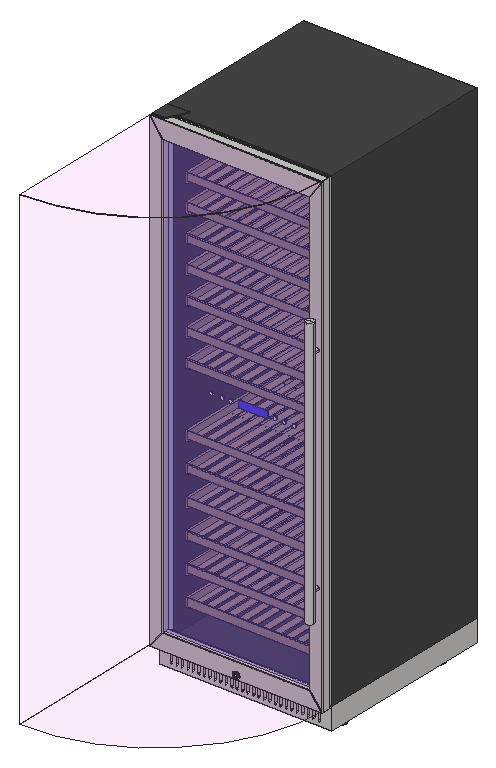
Revit family "QF_Summit_SWC1966B_Dual_Zone_Bottle_Wine_Cellar", category Specialty Equipment, Revit 2020
Family settings
  Round Connector Dimension = Use Diameter
  Part Type = Normal
  Work Plane-Based = No
  Always vertical = Yes
  Cut with Voids When Loaded = No
  Shared = No
  Room Calculation Point = No
Parameters
  Weight in Pounds = 200
  Watts = Volts * FL Amps  # 230 W
  Volts = 115 V
  URL Cutsheet = ""
  Specification by User = ""
  Specification by Manufacturer = ""
  Show RHD) [instance] = not(Show LHD)  # yes
  Show LHD [instance] = no
  Show Clearance [instance] = yes
  Serial Number = ""
  Seismic Rating = ""
  SMACNA No = ""
  Revision Code = ""
  Refrigerant Volume = 0.00 kip
  Refrigerant Type = "R600a"
  Phase = 1
  Number of Poles = 1
  NAFEM Spec ID Number = ""
  Model = "SWC1966B"
  Min Ckt Ampacity = 0 A
  Max Overcurrent Protection = 0 A
  Masterspec = ""
  Manufacturer = "Summit"
  Length = 23.63"
  Item Number = ""
  Installed By = ""
  Identify Quantity as Lot = yes
  Height = 69 1/2"
  HP = ""
  Furnished By = ""
  Foodservice Equipment Identifier = yes
  FL Amps = 2 A
  Electrical Remarks = ""
  Electric Connection Type = ""
  Elec Conn RI Height = 0"
  Elec Conn Connection Height = 0"
  Description = "Dual Zone Bottle Wine Cellar"
  Depth = 26 1/2"
  Default Elevation = 0"
  Cycle = 60 Hz
  Conn Plug = ""
  Conn Conduit = yes
  CSI MasterFormat = ""
  BTUH = 0.0 Btu/h
  Apparent Power = 0 VA
Reference planes (in)
  plane 1 "BACK": y = 0
  plane 2: z = 0
  plane 3 "LEFT": x = 0
  plane 4 "RIGHT": x = 23.63
  plane 5 "FRONT": y = -26.5
  plane 6 "TOP": z = 69.5
  plane 7 "Center Y": x = 11.815
  plane 8 "Center X": y = -13.25
Dimensions and locks (in)
  equal spacing: plane 3 "LEFT", plane 7 "Center Y", plane 4 "RIGHT"
  "Length": plane 3 "LEFT" to plane 4 "RIGHT"
  equal spacing: plane 5 "FRONT", plane 8 "Center X", plane 1 "BACK"
  "Depth": plane 5 "FRONT" to plane 1 "BACK"
  "Height": plane 6 "TOP" to level
  aligned and locked: level to plane 2
Nested families (in)
  nested 1: "SWC1966B" at (0, 0, 0), Show Clearance <- "Show Clearance", Show LHD <- "Show LHD", Show RHD <- "Show RHD)", type "SWC1966B"
    with Show RHD yes, Show LHD no, Show Clearance yes
Connectors (in)
  electrical at (20.63, 0.03125, 2.70603), driven by "Volts", driven by "Watts"
    settings: on nested 1, index 1, voltage 115 V, apparent load 230 VA, apparent load phase1 0 VA, apparent load phase2 0 VA, apparent load phase3 0 VA, power factor 1, load classification "Other", number of poles 1, system type 30, power factor state 1, is connector primary yes, connector utility no, sub classification motor no, connector description "ELECTRICAL CONNECTION"
Definition of nested family "SWC1966B"
  Parameters (values of type "SWC1966B")
    Weight in Pounds = 0
    URL Cutsheet = ""
    Specification by User = ""
    Specification by Manufacturer = ""
    Show RHD [instance] = no
    Show LHD [instance] = yes
    Show Clearance [instance] = yes
    Serial Number = ""
    Seismic Rating = ""
    SMACNA No = ""
    Revision Code = ""
    NAFEM Spec ID Number = ""
    Masterspec = ""
    Length = 23.63"
    Item Number = ""
    Installed By = ""
    Identify Quantity as Lot = yes
    Height = 69 1/2"
    Furnished By = ""
    Foodservice Equipment Identifier = yes
    Depth = 26 1/2"
    Default Elevation = 0"
    CSI MasterFormat = ""
  Reference planes (in)
    plane 1 "BACK": y = 0
    plane 2: z = 0
    plane 3 "LEFT": x = 0
    plane 4 "RIGHT": x = 23.63
    plane 5 "FRONT": y = -26.5
    plane 6 "TOP": z = 69.5
    plane 7 "Center Y": x = 11.815
    plane 8 "Center X": y = -13.25
    plane 9: y = -28.25
    plane 10: y = -24.75
    plane 11: y = -23.52531
    plane 12: y = -48.75
    plane 13: z = 52.7168
    plane 14: z = 15.7168
    plane 15: y = -3.68868
  Forms (in)
    Extrusion 1, solid
      sketch origin (-2.09371, -180, 1.25) x (-1, 0, 0) y (0, -1, 0)
        loop
          line (-2.09371, -180) -> (-2.09371, -155.25) -> (-25.72371, -155.25) -> (-25.72371, -180) -> (-2.09371, -180)
      from 0 to 3
    Extrusion 2, solid
      sketch origin (-2.09371, -180, 4.25) x (-1, 0, 0) y (0, -1, 0)
        loop
          line (-2.09371, -180) -> (-2.09371, -155.25) -> (-25.72371, -155.25) -> (-25.72371, -180) -> (-2.09371, -180)
      from 0 to 65.25
    Extrusion 3, void
      sketch origin (-2.09371, -180, 5.25) x (0, -1, 0) y (-1, 0, 0)
        loop
          line (-154.72188, -3.78121) -> (-175.81132, -3.78121)
          arc (-175.81132, -3.78121) -> (-176.16488, -3.92766) -> (-176.31132, -4.28121) r 0.5
          line (-176.31132, -4.28121) -> (-176.31132, -23.56246)
          arc (-176.31132, -23.56246) -> (-176.16488, -23.91601) -> (-175.81132, -24.06246) r 0.5
          line (-175.81132, -24.06246) -> (-154.72188, -24.06246) -> (-154.72188, -3.78121)
      from 0 to -62.75
    Extrusion 4, solid, visible <- "Show LHD"
      sketch origin (0, -23.52531, 61.34502) x (0, 0, 1) y (1, 0, 0)
        loop
          line (-24.34502, 1.6875) -> (-24.34502, 21.96875) -> (-26.34502, 21.96875) -> (-26.34502, 1.6875) -> (-24.34502, 1.6875)
      from 0 to 19.84695
    Extrusion 5, solid
      sketch origin (23.63, -24.75, 4.25) x (-1, 0, 0) y (0, 0, -1)
        loop
          line (23.63, -65.25) -> (23.63, 0) -> (0, 0) -> (0, -65.25) -> (23.63, -65.25)
        loop
          line (21.9425, -62.91724) -> (21.9425, -2.16724) -> (1.66125, -2.16724) -> (1.66125, -62.91724) -> (21.9425, -62.91724)
      from 0.52812 to 1.64317
    Extrusion 6, solid
      sketch origin (0.15542, -180, 4.40984) x (-1, 0, 0) y (0, -1, 0)
        loop
          line (0, -155.25) -> (0, -154.72188) -> (-23.31833, -154.72188) -> (-23.31833, -155.25) -> (0, -155.25)
      from 0 to 64.93919
    Extrusion 7, solid
      sketch origin (21.96875, -24.75, 6.41724) x (-1, 0, 0) y (0, -1, 0)
        loop
          line (20.28125, 0.83565) -> (20.28125, 1.33565) -> (0, 1.33565) -> (0, 0.83565) -> (20.28125, 0.83565)
      from 0 to 60.75
    Extrusion 8, void
      sketch origin (23.63, -24.75, 1.25) x (1, 0, 0) y (0, 0, -1)
        loop
          arc (-22.16671, -2.27452) -> (-21.99211, -2.44912) -> (-21.8175, -2.27452) r 0.17461
          line (-21.8175, -2.27452) -> (-21.8175, -0.77452)
          arc (-21.8175, -0.77452) -> (-21.99211, -0.59991) -> (-22.16671, -0.77452) r 0.17461
          line (-22.16671, -0.77452) -> (-22.16671, -2.27452)
        loop
          arc (-21.37805, -2.27452) -> (-21.20345, -2.44912) -> (-21.02884, -2.27452) r 0.17461
          line (-21.02884, -2.27452) -> (-21.02884, -0.77452)
          arc (-21.02884, -0.77452) -> (-21.20345, -0.59991) -> (-21.37805, -0.77452) r 0.17461
          line (-21.37805, -0.77452) -> (-21.37805, -2.27452)
        loop
          arc (-20.66671, -2.27452) -> (-20.49211, -2.44912) -> (-20.3175, -2.27452) r 0.17461
          line (-20.3175, -2.27452) -> (-20.3175, -0.77452)
          arc (-20.3175, -0.77452) -> (-20.49211, -0.59991) -> (-20.66671, -0.77452) r 0.17461
          line (-20.66671, -0.77452) -> (-20.66671, -2.27452)
        loop
          arc (-19.87805, -2.27452) -> (-19.70345, -2.44912) -> (-19.52884, -2.27452) r 0.17461
          line (-19.52884, -2.27452) -> (-19.52884, -0.77452)
          arc (-19.52884, -0.77452) -> (-19.70345, -0.59991) -> (-19.87805, -0.77452) r 0.17461
          line (-19.87805, -0.77452) -> (-19.87805, -2.27452)
        loop
          arc (-19.16671, -2.27452) -> (-18.99211, -2.44912) -> (-18.8175, -2.27452) r 0.17461
          line (-18.8175, -2.27452) -> (-18.8175, -0.77452)
          arc (-18.8175, -0.77452) -> (-18.99211, -0.59991) -> (-19.16671, -0.77452) r 0.17461
          line (-19.16671, -0.77452) -> (-19.16671, -2.27452)
        loop
          arc (-18.37805, -2.27452) -> (-18.20345, -2.44912) -> (-18.02884, -2.27452) r 0.17461
          line (-18.02884, -2.27452) -> (-18.02884, -0.77452)
          arc (-18.02884, -0.77452) -> (-18.20345, -0.59991) -> (-18.37805, -0.77452) r 0.17461
          line (-18.37805, -0.77452) -> (-18.37805, -2.27452)
        loop
          arc (-17.66671, -2.27452) -> (-17.49211, -2.44912) -> (-17.3175, -2.27452) r 0.17461
          line (-17.3175, -2.27452) -> (-17.3175, -0.77452)
          arc (-17.3175, -0.77452) -> (-17.49211, -0.59991) -> (-17.66671, -0.77452) r 0.17461
          line (-17.66671, -0.77452) -> (-17.66671, -2.27452)
        loop
          arc (-16.87805, -2.27452) -> (-16.70345, -2.44912) -> (-16.52884, -2.27452) r 0.17461
          line (-16.52884, -2.27452) -> (-16.52884, -0.77452)
          arc (-16.52884, -0.77452) -> (-16.70345, -0.59991) -> (-16.87805, -0.77452) r 0.17461
          line (-16.87805, -0.77452) -> (-16.87805, -2.27452)
        loop
          arc (-16.16671, -2.27452) -> (-15.99211, -2.44912) -> (-15.8175, -2.27452) r 0.17461
          line (-15.8175, -2.27452) -> (-15.8175, -0.77452)
          arc (-15.8175, -0.77452) -> (-15.99211, -0.59991) -> (-16.16671, -0.77452) r 0.17461
          line (-16.16671, -0.77452) -> (-16.16671, -2.27452)
        loop
          arc (-15.37805, -2.27452) -> (-15.20345, -2.44912) -> (-15.02884, -2.27452) r 0.17461
          line (-15.02884, -2.27452) -> (-15.02884, -0.77452)
          arc (-15.02884, -0.77452) -> (-15.20345, -0.59991) -> (-15.37805, -0.77452) r 0.17461
          line (-15.37805, -0.77452) -> (-15.37805, -2.27452)
        loop
          arc (-14.66671, -2.27452) -> (-14.49211, -2.44912) -> (-14.3175, -2.27452) r 0.17461
          line (-14.3175, -2.27452) -> (-14.3175, -0.77452)
          arc (-14.3175, -0.77452) -> (-14.49211, -0.59991) -> (-14.66671, -0.77452) r 0.17461
          line (-14.66671, -0.77452) -> (-14.66671, -2.27452)
        loop
          arc (-13.87805, -2.27452) -> (-13.70345, -2.44912) -> (-13.52884, -2.27452) r 0.17461
          line (-13.52884, -2.27452) -> (-13.52884, -0.77452)
          arc (-13.52884, -0.77452) -> (-13.70345, -0.59991) -> (-13.87805, -0.77452) r 0.17461
          line (-13.87805, -0.77452) -> (-13.87805, -2.27452)
        loop
          arc (-13.16671, -2.27452) -> (-12.99211, -2.44912) -> (-12.8175, -2.27452) r 0.17461
          line (-12.8175, -2.27452) -> (-12.8175, -0.77452)
          arc (-12.8175, -0.77452) -> (-12.99211, -0.59991) -> (-13.16671, -0.77452) r 0.17461
          line (-13.16671, -0.77452) -> (-13.16671, -2.27452)
        loop
          arc (-12.37805, -2.27452) -> (-12.20345, -2.44912) -> (-12.02884, -2.27452) r 0.17461
          line (-12.02884, -2.27452) -> (-12.02884, -0.77452)
          arc (-12.02884, -0.77452) -> (-12.20345, -0.59991) -> (-12.37805, -0.77452) r 0.17461
          line (-12.37805, -0.77452) -> (-12.37805, -2.27452)
        loop
          arc (-11.66671, -2.27452) -> (-11.49211, -2.44912) -> (-11.3175, -2.27452) r 0.17461
          line (-11.3175, -2.27452) -> (-11.3175, -0.77452)
          arc (-11.3175, -0.77452) -> (-11.49211, -0.59991) -> (-11.66671, -0.77452) r 0.17461
          line (-11.66671, -0.77452) -> (-11.66671, -2.27452)
        loop
          arc (-10.87805, -2.27452) -> (-10.70345, -2.44912) -> (-10.52884, -2.27452) r 0.17461
          line (-10.52884, -2.27452) -> (-10.52884, -0.77452)
          arc (-10.52884, -0.77452) -> (-10.70345, -0.59991) -> (-10.87805, -0.77452) r 0.17461
          line (-10.87805, -0.77452) -> (-10.87805, -2.27452)
        loop
          arc (-10.16671, -2.27452) -> (-9.99211, -2.44912) -> (-9.8175, -2.27452) r 0.17461
          line (-9.8175, -2.27452) -> (-9.8175, -0.77452)
          arc (-9.8175, -0.77452) -> (-9.99211, -0.59991) -> (-10.16671, -0.77452) r 0.17461
          line (-10.16671, -0.77452) -> (-10.16671, -2.27452)
        loop
          arc (-9.37805, -2.27452) -> (-9.20345, -2.44912) -> (-9.02884, -2.27452) r 0.17461
          line (-9.02884, -2.27452) -> (-9.02884, -0.77452)
          arc (-9.02884, -0.77452) -> (-9.20345, -0.59991) -> (-9.37805, -0.77452) r 0.17461
          line (-9.37805, -0.77452) -> (-9.37805, -2.27452)
        loop
          arc (-8.66671, -2.27452) -> (-8.49211, -2.44912) -> (-8.3175, -2.27452) r 0.17461
          line (-8.3175, -2.27452) -> (-8.3175, -0.77452)
          arc (-8.3175, -0.77452) -> (-8.49211, -0.59991) -> (-8.66671, -0.77452) r 0.17461
          line (-8.66671, -0.77452) -> (-8.66671, -2.27452)
        loop
          arc (-7.87805, -2.27452) -> (-7.70345, -2.44912) -> (-7.52884, -2.27452) r 0.17461
          line (-7.52884, -2.27452) -> (-7.52884, -0.77452)
          arc (-7.52884, -0.77452) -> (-7.70345, -0.59991) -> (-7.87805, -0.77452) r 0.17461
          line (-7.87805, -0.77452) -> (-7.87805, -2.27452)
        loop
          arc (-7.16671, -2.27452) -> (-6.99211, -2.44912) -> (-6.8175, -2.27452) r 0.17461
          line (-6.8175, -2.27452) -> (-6.8175, -0.77452)
          arc (-6.8175, -0.77452) -> (-6.99211, -0.59991) -> (-7.16671, -0.77452) r 0.17461
          line (-7.16671, -0.77452) -> (-7.16671, -2.27452)
        loop
          arc (-6.37805, -2.27452) -> (-6.20345, -2.44912) -> (-6.02884, -2.27452) r 0.17461
          line (-6.02884, -2.27452) -> (-6.02884, -0.77452)
          arc (-6.02884, -0.77452) -> (-6.20345, -0.59991) -> (-6.37805, -0.77452) r 0.17461
          line (-6.37805, -0.77452) -> (-6.37805, -2.27452)
        loop
          arc (-5.66671, -2.27452) -> (-5.49211, -2.44912) -> (-5.3175, -2.27452) r 0.17461
          line (-5.3175, -2.27452) -> (-5.3175, -0.77452)
          arc (-5.3175, -0.77452) -> (-5.49211, -0.59991) -> (-5.66671, -0.77452) r 0.17461
          line (-5.66671, -0.77452) -> (-5.66671, -2.27452)
        loop
          arc (-4.87805, -2.27452) -> (-4.70345, -2.44912) -> (-4.52884, -2.27452) r 0.17461
          line (-4.52884, -2.27452) -> (-4.52884, -0.77452)
          arc (-4.52884, -0.77452) -> (-4.70345, -0.59991) -> (-4.87805, -0.77452) r 0.17461
          line (-4.87805, -0.77452) -> (-4.87805, -2.27452)
        loop
          arc (-4.16671, -2.27452) -> (-3.99211, -2.44912) -> (-3.8175, -2.27452) r 0.17461
          line (-3.8175, -2.27452) -> (-3.8175, -0.77452)
          arc (-3.8175, -0.77452) -> (-3.99211, -0.59991) -> (-4.16671, -0.77452) r 0.17461
          line (-4.16671, -0.77452) -> (-4.16671, -2.27452)
        loop
          arc (-3.37805, -2.27452) -> (-3.20345, -2.44912) -> (-3.02884, -2.27452) r 0.17461
          line (-3.02884, -2.27452) -> (-3.02884, -0.77452)
          arc (-3.02884, -0.77452) -> (-3.20345, -0.59991) -> (-3.37805, -0.77452) r 0.17461
          line (-3.37805, -0.77452) -> (-3.37805, -2.27452)
        loop
          arc (-2.66671, -2.27452) -> (-2.49211, -2.44912) -> (-2.3175, -2.27452) r 0.17461
          line (-2.3175, -2.27452) -> (-2.3175, -0.77452)
          arc (-2.3175, -0.77452) -> (-2.49211, -0.59991) -> (-2.66671, -0.77452) r 0.17461
          line (-2.66671, -0.77452) -> (-2.66671, -2.27452)
        loop
          arc (-1.87805, -2.27452) -> (-1.70345, -2.44912) -> (-1.52884, -2.27452) r 0.17461
          line (-1.52884, -2.27452) -> (-1.52884, -0.77452)
          arc (-1.52884, -0.77452) -> (-1.70345, -0.59991) -> (-1.87805, -0.77452) r 0.17461
          line (-1.87805, -0.77452) -> (-1.87805, -2.27452)
      from 0 to 0.76302
    Extrusion 9, solid
      sketch origin (23.63, -26.5, 4.25) x (-1, 0, 0) y (0, 0, -1)
        loop
          circle (11.80188, -0.50004) r 0.4689
        loop
          circle (11.80188, -0.50004) r 0.25
      from 0 to 0.03125
    Extrusion 10, solid
      sketch origin (23.63, -26.5, 4.25) x (-1, 0, 0) y (0, 0, -1)
        loop
          circle (11.80188, -0.50004) r 0.24493
      from 0 to 0.03125
    Extrusion 11, solid
      sketch origin (0, -22.52531, 84.20888) x (0, 0, 1) y (1, 0, 0)
        loop
          line (-75.06052, 1.6875) -> (-75.06052, 2.1875) -> (-76.34586, 2.1875) -> (-76.34586, 1.6875) -> (-75.06052, 1.6875)
        loop
          line (-70.93552, 1.6875) -> (-70.93552, 2.1875) -> (-72.34586, 2.1875) -> (-72.34586, 1.6875) -> (-70.93552, 1.6875)
        loop
          line (-66.87302, 1.6875) -> (-66.87302, 2.1875) -> (-68.15836, 2.1875) -> (-68.15836, 1.6875) -> (-66.87302, 1.6875)
        loop
          line (-62.74802, 1.6875) -> (-62.74802, 2.1875) -> (-64.15836, 2.1875) -> (-64.15836, 1.6875) -> (-62.74802, 1.6875)
        loop
          line (-58.62302, 1.6875) -> (-58.62302, 2.1875) -> (-59.90836, 2.1875) -> (-59.90836, 1.6875) -> (-58.62302, 1.6875)
        loop
          line (-54.49802, 1.6875) -> (-54.49802, 2.1875) -> (-55.90836, 2.1875) -> (-55.90836, 1.6875) -> (-54.49802, 1.6875)
        loop
          line (-45.68552, 1.6875) -> (-45.68552, 2.1875) -> (-46.97086, 2.1875) -> (-46.97086, 1.6875) -> (-45.68552, 1.6875)
        loop
          line (-41.81052, 1.6875) -> (-41.81052, 2.1875) -> (-43.22086, 2.1875) -> (-43.22086, 1.6875) -> (-41.81052, 1.6875)
        loop
          line (-37.93552, 1.6875) -> (-37.93552, 2.1875) -> (-39.22086, 2.1875) -> (-39.22086, 1.6875) -> (-37.93552, 1.6875)
        loop
          line (-34.06052, 1.6875) -> (-34.06052, 2.1875) -> (-35.47086, 2.1875) -> (-35.47086, 1.6875) -> (-34.06052, 1.6875)
        loop
          line (-30.31052, 1.6875) -> (-30.31052, 2.1875) -> (-31.59586, 2.1875) -> (-31.59586, 1.6875) -> (-30.31052, 1.6875)
        loop
          line (-26.43552, 1.6875) -> (-26.43552, 2.1875) -> (-27.90836, 2.1875) -> (-27.90836, 1.6875) -> (-26.43552, 1.6875)
        loop
          line (-22.74802, 1.6875) -> (-22.74802, 2.1875) -> (-24.15836, 2.1875) -> (-24.15836, 1.6875) -> (-22.74802, 1.6875)
        loop
          line (-75.06052, 21.96875) -> (-76.34586, 21.96875) -> (-76.34586, 21.46875) -> (-75.06052, 21.46875) -> (-75.06052, 21.96875)
        loop
          line (-70.93552, 21.96875) -> (-72.34586, 21.96875) -> (-72.34586, 21.46875) -> (-70.93552, 21.46875) -> (-70.93552, 21.96875)
        loop
          line (-66.87302, 21.96875) -> (-68.15836, 21.96875) -> (-68.15836, 21.46875) -> (-66.87302, 21.46875) -> (-66.87302, 21.96875)
        loop
          line (-62.74802, 21.96875) -> (-64.15836, 21.96875) -> (-64.15836, 21.46875) -> (-62.74802, 21.46875) -> (-62.74802, 21.96875)
        loop
          line (-58.62302, 21.96875) -> (-59.90836, 21.96875) -> (-59.90836, 21.46875) -> (-58.62302, 21.46875) -> (-58.62302, 21.96875)
        loop
          line (-54.49802, 21.96875) -> (-55.90836, 21.96875) -> (-55.90836, 21.46875) -> (-54.49802, 21.46875) -> (-54.49802, 21.96875)
        loop
          line (-45.68552, 21.96875) -> (-46.97086, 21.96875) -> (-46.97086, 21.46875) -> (-45.68552, 21.46875) -> (-45.68552, 21.96875)
        loop
          line (-41.81052, 21.96875) -> (-43.22086, 21.96875) -> (-43.22086, 21.46875) -> (-41.81052, 21.46875) -> (-41.81052, 21.96875)
        loop
          line (-37.93552, 21.96875) -> (-39.22086, 21.96875) -> (-39.22086, 21.46875) -> (-37.93552, 21.46875) -> (-37.93552, 21.96875)
        loop
          line (-34.06052, 21.96875) -> (-35.47086, 21.96875) -> (-35.47086, 21.46875) -> (-34.06052, 21.46875) -> (-34.06052, 21.96875)
        loop
          line (-30.31052, 21.96875) -> (-31.59586, 21.96875) -> (-31.59586, 21.46875) -> (-30.31052, 21.46875) -> (-30.31052, 21.96875)
        loop
          line (-26.43552, 21.96875) -> (-27.90836, 21.96875) -> (-27.90836, 21.46875) -> (-26.43552, 21.46875) -> (-26.43552, 21.96875)
        loop
          line (-22.74802, 21.96875) -> (-24.15836, 21.96875) -> (-24.15836, 21.46875) -> (-22.74802, 21.46875) -> (-22.74802, 21.96875)
      from 0 to 15.52531
    Extrusion 12, solid
      sketch origin (0, -22.52531, 84.20888) x (0, 0, -1) y (1, 0, 0)
        loop
          line (22.74802, 2.1875) -> (23.74802, 2.1875) -> (23.74802, 21.46875) -> (22.74802, 21.46875) -> (22.74802, 2.1875)
        loop
          line (26.43552, 2.1875) -> (27.43552, 2.1875) -> (27.43552, 21.46875) -> (26.43552, 21.46875) -> (26.43552, 2.1875)
        loop
          line (30.31052, 2.1875) -> (31.31052, 2.1875) -> (31.31052, 21.46875) -> (30.31052, 21.46875) -> (30.31052, 2.1875)
        loop
          line (34.06052, 2.1875) -> (35.06052, 2.1875) -> (35.06052, 21.46875) -> (34.06052, 21.46875) -> (34.06052, 2.1875)
        loop
          line (37.93552, 2.1875) -> (38.93552, 2.1875) -> (38.93552, 21.46875) -> (37.93552, 21.46875) -> (37.93552, 2.1875)
        loop
          line (41.81052, 2.1875) -> (42.81052, 2.1875) -> (42.81052, 21.46875) -> (41.81052, 21.46875) -> (41.81052, 2.1875)
        loop
          line (45.68552, 2.1875) -> (46.68552, 2.1875) -> (46.68552, 21.46875) -> (45.68552, 21.46875) -> (45.68552, 2.1875)
        loop
          line (54.49802, 2.1875) -> (55.49802, 2.1875) -> (55.49802, 21.46875) -> (54.49802, 21.46875) -> (54.49802, 2.1875)
        loop
          line (58.62302, 2.1875) -> (59.62302, 2.1875) -> (59.62302, 21.46875) -> (58.62302, 21.46875) -> (58.62302, 2.1875)
        loop
          line (62.74802, 2.1875) -> (63.74802, 2.1875) -> (63.74802, 21.46875) -> (62.74802, 21.46875) -> (62.74802, 2.1875)
        loop
          line (66.87302, 2.1875) -> (67.87302, 2.1875) -> (67.87302, 21.46875) -> (66.87302, 21.46875) -> (66.87302, 2.1875)
        loop
          line (70.93552, 2.1875) -> (71.93552, 2.1875) -> (71.93552, 21.46875) -> (70.93552, 21.46875) -> (70.93552, 2.1875)
        loop
          line (75.06052, 2.1875) -> (76.06052, 2.1875) -> (76.06052, 21.46875) -> (75.06052, 21.46875) -> (75.06052, 2.1875)
      from 0 to 0.125
    Extrusion 13, solid
      sketch origin (0, -7, 84.20888) x (0, 0, -1) y (-1, 0, 0)
        loop
          line (22.74802, -2.1875) -> (22.74802, -21.46875) -> (23.74802, -21.46875) -> (23.74802, -2.1875) -> (22.74802, -2.1875)
        loop
          line (26.43552, -2.1875) -> (26.43552, -21.46875) -> (27.43552, -21.46875) -> (27.43552, -2.1875) -> (26.43552, -2.1875)
        loop
          line (30.31052, -2.1875) -> (30.31052, -21.46875) -> (31.31052, -21.46875) -> (31.31052, -2.1875) -> (30.31052, -2.1875)
        loop
          line (34.06052, -2.1875) -> (34.06052, -21.46875) -> (35.06052, -21.46875) -> (35.06052, -2.1875) -> (34.06052, -2.1875)
        loop
          line (37.93552, -2.1875) -> (37.93552, -21.46875) -> (38.93552, -21.46875) -> (38.93552, -2.1875) -> (37.93552, -2.1875)
        loop
          line (41.81052, -2.1875) -> (41.81052, -21.46875) -> (42.81052, -21.46875) -> (42.81052, -2.1875) -> (41.81052, -2.1875)
        loop
          line (45.68552, -2.1875) -> (45.68552, -21.46875) -> (46.68552, -21.46875) -> (46.68552, -2.1875) -> (45.68552, -2.1875)
        loop
          line (54.49802, -2.1875) -> (54.49802, -21.46875) -> (55.49802, -21.46875) -> (55.49802, -2.1875) -> (54.49802, -2.1875)
        loop
          line (58.62302, -2.1875) -> (58.62302, -21.46875) -> (59.62302, -21.46875) -> (59.62302, -2.1875) -> (58.62302, -2.1875)
        loop
          line (62.74802, -2.1875) -> (62.74802, -21.46875) -> (63.74802, -21.46875) -> (63.74802, -2.1875) -> (62.74802, -2.1875)
        loop
          line (66.87302, -2.1875) -> (66.87302, -21.46875) -> (67.87302, -21.46875) -> (67.87302, -2.1875) -> (66.87302, -2.1875)
        loop
          line (70.93552, -2.1875) -> (70.93552, -21.46875) -> (71.93552, -21.46875) -> (71.93552, -2.1875) -> (70.93552, -2.1875)
        loop
          line (75.06052, -2.1875) -> (75.06052, -21.46875) -> (76.06052, -21.46875) -> (76.06052, -2.1875) -> (75.06052, -2.1875)
      from 0 to 0.125
    Extrusion 14, solid
      sketch origin (2.1875, -22.52531, 38.27336) x (0, 0, 1) y (0, 1, 0)
        loop
          line (22.1875, 6.95839) -> (22.3125, 6.95839) -> (22.3125, 8.70839) -> (22.1875, 8.70839) -> (22.1875, 6.95839)
        loop
          line (18.5, 6.95839) -> (18.625, 6.95839) -> (18.625, 8.70839) -> (18.5, 8.70839) -> (18.5, 6.95839)
        loop
          line (14.625, 6.95839) -> (14.75, 6.95839) -> (14.75, 8.70839) -> (14.625, 8.70839) -> (14.625, 6.95839)
        loop
          line (10.875, 6.95839) -> (11, 6.95839) -> (11, 8.70839) -> (10.875, 8.70839) -> (10.875, 6.95839)
        loop
          line (7, 6.95839) -> (7.125, 6.95839) -> (7.125, 8.70839) -> (7, 8.70839) -> (7, 6.95839)
        loop
          line (3.125, 6.95839) -> (3.25, 6.95839) -> (3.25, 8.70839) -> (3.125, 8.70839) -> (3.125, 6.95839)
        loop
          line (-0.75, 6.95839) -> (-0.625, 6.95839) -> (-0.625, 8.70839) -> (-0.75, 8.70839) -> (-0.75, 6.95839)
        loop
          line (-9.5625, 6.95839) -> (-9.4375, 6.95839) -> (-9.4375, 8.70839) -> (-9.5625, 8.70839) -> (-9.5625, 6.95839)
        loop
          line (-13.6875, 6.95839) -> (-13.5625, 6.95839) -> (-13.5625, 8.70839) -> (-13.6875, 8.70839) -> (-13.6875, 6.95839)
        loop
          line (-17.8125, 6.95839) -> (-17.6875, 6.95839) -> (-17.6875, 8.70839) -> (-17.8125, 8.70839) -> (-17.8125, 6.95839)
        loop
          line (-21.9375, 6.95839) -> (-21.8125, 6.95839) -> (-21.8125, 8.70839) -> (-21.9375, 8.70839) -> (-21.9375, 6.95839)
        loop
          line (-26, 6.95839) -> (-25.875, 6.95839) -> (-25.875, 8.70839) -> (-26, 8.70839) -> (-26, 6.95839)
        loop
          line (-30.125, 6.95839) -> (-30, 6.95839) -> (-30, 8.70839) -> (-30.125, 8.70839) -> (-30.125, 6.95839)
      from 0 to -19.28125
    Extrusion 15, solid
      sketch origin (0, -22.52531, 84.20888) x (0, 0, -1) y (1, 0, 0)
        loop
          line (23.62302, 2.1875) -> (23.62302, 3.1875) -> (23.56052, 3.1875) -> (23.56052, 2.1875) -> (23.62302, 2.1875)
        loop
          line (23.62302, 21.46875) -> (23.56052, 21.46875) -> (23.56052, 20.46875) -> (23.62302, 20.46875) -> (23.62302, 21.46875)
        loop
          line (23.62302, 3.6875) -> (23.62302, 4.6875) -> (23.56052, 4.6875) -> (23.56052, 3.6875) -> (23.62302, 3.6875)
        loop
          line (23.62302, 19.96875) -> (23.56052, 19.96875) -> (23.56052, 18.96875) -> (23.62302, 18.96875) -> (23.62302, 19.96875)
        loop
          line (23.62302, 5.1875) -> (23.62302, 6.1875) -> (23.56052, 6.1875) -> (23.56052, 5.1875) -> (23.62302, 5.1875)
        loop
          line (23.62302, 6.6875) -> (23.62302, 7.6875) -> (23.56052, 7.6875) -> (23.56052, 6.6875) -> (23.62302, 6.6875)
        loop
          line (23.62302, 8.1875) -> (23.62302, 9.1875) -> (23.56052, 9.1875) -> (23.56052, 8.1875) -> (23.62302, 8.1875)
        loop
          line (23.62302, 9.6875) -> (23.62302, 10.6875) -> (23.56052, 10.6875) -> (23.56052, 9.6875) -> (23.62302, 9.6875)
        loop
          line (23.62302, 18.46875) -> (23.56052, 18.46875) -> (23.56052, 17.46875) -> (23.62302, 17.46875) -> (23.62302, 18.46875)
        loop
          line (23.62302, 16.96875) -> (23.56052, 16.96875) -> (23.56052, 15.96875) -> (23.62302, 15.96875) -> (23.62302, 16.96875)
        loop
          line (23.62302, 15.46875) -> (23.56052, 15.46875) -> (23.56052, 14.46875) -> (23.62302, 14.46875) -> (23.62302, 15.46875)
        loop
          line (23.62302, 13.96875) -> (23.56052, 13.96875) -> (23.56052, 12.96875) -> (23.62302, 12.96875) -> (23.62302, 13.96875)
        loop
          line (23.62302, 11.34375) -> (23.62302, 12.34375) -> (23.56052, 12.34375) -> (23.56052, 11.34375) -> (23.62302, 11.34375)
        loop
          line (27.31052, 2.1875) -> (27.31052, 3.1875) -> (27.24802, 3.1875) -> (27.24802, 2.1875) -> (27.31052, 2.1875)
        loop
          line (27.31052, 21.46875) -> (27.24802, 21.46875) -> (27.24802, 20.46875) -> (27.31052, 20.46875) -> (27.31052, 21.46875)
        loop
          line (27.31052, 3.6875) -> (27.31052, 4.6875) -> (27.24802, 4.6875) -> (27.24802, 3.6875) -> (27.31052, 3.6875)
        loop
          line (27.31052, 19.96875) -> (27.24802, 19.96875) -> (27.24802, 18.96875) -> (27.31052, 18.96875) -> (27.31052, 19.96875)
        loop
          line (27.31052, 5.1875) -> (27.31052, 6.1875) -> (27.24802, 6.1875) -> (27.24802, 5.1875) -> (27.31052, 5.1875)
        loop
          line (27.31052, 6.6875) -> (27.31052, 7.6875) -> (27.24802, 7.6875) -> (27.24802, 6.6875) -> (27.31052, 6.6875)
        loop
          line (27.31052, 8.1875) -> (27.31052, 9.1875) -> (27.24802, 9.1875) -> (27.24802, 8.1875) -> (27.31052, 8.1875)
        loop
          line (27.31052, 9.6875) -> (27.31052, 10.6875) -> (27.24802, 10.6875) -> (27.24802, 9.6875) -> (27.31052, 9.6875)
        loop
          line (27.31052, 18.46875) -> (27.24802, 18.46875) -> (27.24802, 17.46875) -> (27.31052, 17.46875) -> (27.31052, 18.46875)
        loop
          line (27.31052, 16.96875) -> (27.24802, 16.96875) -> (27.24802, 15.96875) -> (27.31052, 15.96875) -> (27.31052, 16.96875)
        loop
          line (27.31052, 15.46875) -> (27.24802, 15.46875) -> (27.24802, 14.46875) -> (27.31052, 14.46875) -> (27.31052, 15.46875)
        loop
          line (27.31052, 13.96875) -> (27.24802, 13.96875) -> (27.24802, 12.96875) -> (27.31052, 12.96875) -> (27.31052, 13.96875)
        loop
          line (27.31052, 11.34375) -> (27.31052, 12.34375) -> (27.24802, 12.34375) -> (27.24802, 11.34375) -> (27.31052, 11.34375)
        loop
          line (31.18552, 2.1875) -> (31.18552, 3.1875) -> (31.12302, 3.1875) -> (31.12302, 2.1875) -> (31.18552, 2.1875)
        loop
          line (31.18552, 21.46875) -> (31.12302, 21.46875) -> (31.12302, 20.46875) -> (31.18552, 20.46875) -> (31.18552, 21.46875)
        loop
          line (31.18552, 3.6875) -> (31.18552, 4.6875) -> (31.12302, 4.6875) -> (31.12302, 3.6875) -> (31.18552, 3.6875)
        loop
          line (31.18552, 19.96875) -> (31.12302, 19.96875) -> (31.12302, 18.96875) -> (31.18552, 18.96875) -> (31.18552, 19.96875)
        loop
          line (31.18552, 5.1875) -> (31.18552, 6.1875) -> (31.12302, 6.1875) -> (31.12302, 5.1875) -> (31.18552, 5.1875)
        loop
          line (31.18552, 6.6875) -> (31.18552, 7.6875) -> (31.12302, 7.6875) -> (31.12302, 6.6875) -> (31.18552, 6.6875)
        loop
          line (31.18552, 8.1875) -> (31.18552, 9.1875) -> (31.12302, 9.1875) -> (31.12302, 8.1875) -> (31.18552, 8.1875)
        loop
          line (31.18552, 9.6875) -> (31.18552, 10.6875) -> (31.12302, 10.6875) -> (31.12302, 9.6875) -> (31.18552, 9.6875)
        loop
          line (31.18552, 18.46875) -> (31.12302, 18.46875) -> (31.12302, 17.46875) -> (31.18552, 17.46875) -> (31.18552, 18.46875)
        loop
          line (31.18552, 16.96875) -> (31.12302, 16.96875) -> (31.12302, 15.96875) -> (31.18552, 15.96875) -> (31.18552, 16.96875)
        loop
          line (31.18552, 15.46875) -> (31.12302, 15.46875) -> (31.12302, 14.46875) -> (31.18552, 14.46875) -> (31.18552, 15.46875)
        loop
          line (31.18552, 13.96875) -> (31.12302, 13.96875) -> (31.12302, 12.96875) -> (31.18552, 12.96875) -> (31.18552, 13.96875)
        loop
          line (31.18552, 11.34375) -> (31.18552, 12.34375) -> (31.12302, 12.34375) -> (31.12302, 11.34375) -> (31.18552, 11.34375)
        loop
          line (34.93552, 2.1875) -> (34.93552, 3.1875) -> (34.87302, 3.1875) -> (34.87302, 2.1875) -> (34.93552, 2.1875)
        loop
          line (34.93552, 21.46875) -> (34.87302, 21.46875) -> (34.87302, 20.46875) -> (34.93552, 20.46875) -> (34.93552, 21.46875)
        loop
          line (34.93552, 3.6875) -> (34.93552, 4.6875) -> (34.87302, 4.6875) -> (34.87302, 3.6875) -> (34.93552, 3.6875)
        loop
          line (34.93552, 19.96875) -> (34.87302, 19.96875) -> (34.87302, 18.96875) -> (34.93552, 18.96875) -> (34.93552, 19.96875)
        loop
          line (34.93552, 5.1875) -> (34.93552, 6.1875) -> (34.87302, 6.1875) -> (34.87302, 5.1875) -> (34.93552, 5.1875)
        loop
          line (34.93552, 6.6875) -> (34.93552, 7.6875) -> (34.87302, 7.6875) -> (34.87302, 6.6875) -> (34.93552, 6.6875)
        loop
          line (34.93552, 8.1875) -> (34.93552, 9.1875) -> (34.87302, 9.1875) -> (34.87302, 8.1875) -> (34.93552, 8.1875)
        loop
          line (34.93552, 9.6875) -> (34.93552, 10.6875) -> (34.87302, 10.6875) -> (34.87302, 9.6875) -> (34.93552, 9.6875)
        loop
          line (34.93552, 18.46875) -> (34.87302, 18.46875) -> (34.87302, 17.46875) -> (34.93552, 17.46875) -> (34.93552, 18.46875)
        loop
          line (34.93552, 16.96875) -> (34.87302, 16.96875) -> (34.87302, 15.96875) -> (34.93552, 15.96875) -> (34.93552, 16.96875)
        loop
          line (34.93552, 15.46875) -> (34.87302, 15.46875) -> (34.87302, 14.46875) -> (34.93552, 14.46875) -> (34.93552, 15.46875)
        loop
          line (34.93552, 13.96875) -> (34.87302, 13.96875) -> (34.87302, 12.96875) -> (34.93552, 12.96875) -> (34.93552, 13.96875)
        loop
          line (34.93552, 11.34375) -> (34.93552, 12.34375) -> (34.87302, 12.34375) -> (34.87302, 11.34375) -> (34.93552, 11.34375)
        loop
          line (38.81052, 2.1875) -> (38.81052, 3.1875) -> (38.74802, 3.1875) -> (38.74802, 2.1875) -> (38.81052, 2.1875)
        loop
          line (38.81052, 21.46875) -> (38.74802, 21.46875) -> (38.74802, 20.46875) -> (38.81052, 20.46875) -> (38.81052, 21.46875)
        loop
          line (38.81052, 3.6875) -> (38.81052, 4.6875) -> (38.74802, 4.6875) -> (38.74802, 3.6875) -> (38.81052, 3.6875)
        loop
          line (38.81052, 19.96875) -> (38.74802, 19.96875) -> (38.74802, 18.96875) -> (38.81052, 18.96875) -> (38.81052, 19.96875)
        loop
          line (38.81052, 5.1875) -> (38.81052, 6.1875) -> (38.74802, 6.1875) -> (38.74802, 5.1875) -> (38.81052, 5.1875)
        loop
          line (38.81052, 6.6875) -> (38.81052, 7.6875) -> (38.74802, 7.6875) -> (38.74802, 6.6875) -> (38.81052, 6.6875)
        loop
          line (38.81052, 8.1875) -> (38.81052, 9.1875) -> (38.74802, 9.1875) -> (38.74802, 8.1875) -> (38.81052, 8.1875)
        loop
          line (38.81052, 9.6875) -> (38.81052, 10.6875) -> (38.74802, 10.6875) -> (38.74802, 9.6875) -> (38.81052, 9.6875)
        loop
          line (38.81052, 18.46875) -> (38.74802, 18.46875) -> (38.74802, 17.46875) -> (38.81052, 17.46875) -> (38.81052, 18.46875)
        loop
          line (38.81052, 16.96875) -> (38.74802, 16.96875) -> (38.74802, 15.96875) -> (38.81052, 15.96875) -> (38.81052, 16.96875)
        loop
          line (38.81052, 15.46875) -> (38.74802, 15.46875) -> (38.74802, 14.46875) -> (38.81052, 14.46875) -> (38.81052, 15.46875)
        loop
          line (38.81052, 13.96875) -> (38.74802, 13.96875) -> (38.74802, 12.96875) -> (38.81052, 12.96875) -> (38.81052, 13.96875)
        loop
          line (38.81052, 11.34375) -> (38.81052, 12.34375) -> (38.74802, 12.34375) -> (38.74802, 11.34375) -> (38.81052, 11.34375)
        loop
          line (42.68552, 2.1875) -> (42.68552, 3.1875) -> (42.62302, 3.1875) -> (42.62302, 2.1875) -> (42.68552, 2.1875)
        loop
          line (42.68552, 21.46875) -> (42.62302, 21.46875) -> (42.62302, 20.46875) -> (42.68552, 20.46875) -> (42.68552, 21.46875)
        loop
          line (42.68552, 3.6875) -> (42.68552, 4.6875) -> (42.62302, 4.6875) -> (42.62302, 3.6875) -> (42.68552, 3.6875)
        loop
          line (42.68552, 19.96875) -> (42.62302, 19.96875) -> (42.62302, 18.96875) -> (42.68552, 18.96875) -> (42.68552, 19.96875)
        loop
          line (42.68552, 5.1875) -> (42.68552, 6.1875) -> (42.62302, 6.1875) -> (42.62302, 5.1875) -> (42.68552, 5.1875)
        loop
          line (42.68552, 6.6875) -> (42.68552, 7.6875) -> (42.62302, 7.6875) -> (42.62302, 6.6875) -> (42.68552, 6.6875)
        loop
          line (42.68552, 8.1875) -> (42.68552, 9.1875) -> (42.62302, 9.1875) -> (42.62302, 8.1875) -> (42.68552, 8.1875)
        loop
          line (42.68552, 9.6875) -> (42.68552, 10.6875) -> (42.62302, 10.6875) -> (42.62302, 9.6875) -> (42.68552, 9.6875)
        loop
          line (42.68552, 18.46875) -> (42.62302, 18.46875) -> (42.62302, 17.46875) -> (42.68552, 17.46875) -> (42.68552, 18.46875)
        loop
          line (42.68552, 16.96875) -> (42.62302, 16.96875) -> (42.62302, 15.96875) -> (42.68552, 15.96875) -> (42.68552, 16.96875)
        loop
          line (42.68552, 15.46875) -> (42.62302, 15.46875) -> (42.62302, 14.46875) -> (42.68552, 14.46875) -> (42.68552, 15.46875)
        loop
          line (42.68552, 13.96875) -> (42.62302, 13.96875) -> (42.62302, 12.96875) -> (42.68552, 12.96875) -> (42.68552, 13.96875)
        loop
          line (42.68552, 11.34375) -> (42.68552, 12.34375) -> (42.62302, 12.34375) -> (42.62302, 11.34375) -> (42.68552, 11.34375)
        loop
          line (46.56052, 2.1875) -> (46.56052, 3.1875) -> (46.49802, 3.1875) -> (46.49802, 2.1875) -> (46.56052, 2.1875)
        loop
          line (46.56052, 21.46875) -> (46.49802, 21.46875) -> (46.49802, 20.46875) -> (46.56052, 20.46875) -> (46.56052, 21.46875)
        loop
          line (46.56052, 3.6875) -> (46.56052, 4.6875) -> (46.49802, 4.6875) -> (46.49802, 3.6875) -> (46.56052, 3.6875)
        loop
          line (46.56052, 19.96875) -> (46.49802, 19.96875) -> (46.49802, 18.96875) -> (46.56052, 18.96875) -> (46.56052, 19.96875)
        loop
          line (46.56052, 5.1875) -> (46.56052, 6.1875) -> (46.49802, 6.1875) -> (46.49802, 5.1875) -> (46.56052, 5.1875)
        loop
          line (46.56052, 6.6875) -> (46.56052, 7.6875) -> (46.49802, 7.6875) -> (46.49802, 6.6875) -> (46.56052, 6.6875)
        loop
          line (46.56052, 8.1875) -> (46.56052, 9.1875) -> (46.49802, 9.1875) -> (46.49802, 8.1875) -> (46.56052, 8.1875)
        loop
          line (46.56052, 9.6875) -> (46.56052, 10.6875) -> (46.49802, 10.6875) -> (46.49802, 9.6875) -> (46.56052, 9.6875)
        loop
          line (46.56052, 18.46875) -> (46.49802, 18.46875) -> (46.49802, 17.46875) -> (46.56052, 17.46875) -> (46.56052, 18.46875)
        loop
          line (46.56052, 16.96875) -> (46.49802, 16.96875) -> (46.49802, 15.96875) -> (46.56052, 15.96875) -> (46.56052, 16.96875)
        loop
          line (46.56052, 15.46875) -> (46.49802, 15.46875) -> (46.49802, 14.46875) -> (46.56052, 14.46875) -> (46.56052, 15.46875)
        loop
          line (46.56052, 13.96875) -> (46.49802, 13.96875) -> (46.49802, 12.96875) -> (46.56052, 12.96875) -> (46.56052, 13.96875)
        loop
          line (46.56052, 11.34375) -> (46.56052, 12.34375) -> (46.49802, 12.34375) -> (46.49802, 11.34375) -> (46.56052, 11.34375)
        loop
          line (55.37302, 2.1875) -> (55.37302, 3.1875) -> (55.31052, 3.1875) -> (55.31052, 2.1875) -> (55.37302, 2.1875)
        loop
          line (55.37302, 21.46875) -> (55.31052, 21.46875) -> (55.31052, 20.46875) -> (55.37302, 20.46875) -> (55.37302, 21.46875)
        loop
          line (55.37302, 3.6875) -> (55.37302, 4.6875) -> (55.31052, 4.6875) -> (55.31052, 3.6875) -> (55.37302, 3.6875)
        loop
          line (55.37302, 19.96875) -> (55.31052, 19.96875) -> (55.31052, 18.96875) -> (55.37302, 18.96875) -> (55.37302, 19.96875)
        loop
          line (55.37302, 5.1875) -> (55.37302, 6.1875) -> (55.31052, 6.1875) -> (55.31052, 5.1875) -> (55.37302, 5.1875)
        loop
          line (55.37302, 6.6875) -> (55.37302, 7.6875) -> (55.31052, 7.6875) -> (55.31052, 6.6875) -> (55.37302, 6.6875)
        loop
          line (55.37302, 8.1875) -> (55.37302, 9.1875) -> (55.31052, 9.1875) -> (55.31052, 8.1875) -> (55.37302, 8.1875)
        loop
          line (55.37302, 9.6875) -> (55.37302, 10.6875) -> (55.31052, 10.6875) -> (55.31052, 9.6875) -> (55.37302, 9.6875)
        loop
          line (55.37302, 18.46875) -> (55.31052, 18.46875) -> (55.31052, 17.46875) -> (55.37302, 17.46875) -> (55.37302, 18.46875)
        loop
          line (55.37302, 16.96875) -> (55.31052, 16.96875) -> (55.31052, 15.96875) -> (55.37302, 15.96875) -> (55.37302, 16.96875)
        loop
          line (55.37302, 15.46875) -> (55.31052, 15.46875) -> (55.31052, 14.46875) -> (55.37302, 14.46875) -> (55.37302, 15.46875)
        loop
          line (55.37302, 13.96875) -> (55.31052, 13.96875) -> (55.31052, 12.96875) -> (55.37302, 12.96875) -> (55.37302, 13.96875)
        loop
          line (55.37302, 11.34375) -> (55.37302, 12.34375) -> (55.31052, 12.34375) -> (55.31052, 11.34375) -> (55.37302, 11.34375)
        loop
          line (59.49802, 2.1875) -> (59.49802, 3.1875) -> (59.43552, 3.1875) -> (59.43552, 2.1875) -> (59.49802, 2.1875)
        loop
          line (59.49802, 21.46875) -> (59.43552, 21.46875) -> (59.43552, 20.46875) -> (59.49802, 20.46875) -> (59.49802, 21.46875)
        loop
          line (59.49802, 3.6875) -> (59.49802, 4.6875) -> (59.43552, 4.6875) -> (59.43552, 3.6875) -> (59.49802, 3.6875)
        loop
          line (59.49802, 19.96875) -> (59.43552, 19.96875) -> (59.43552, 18.96875) -> (59.49802, 18.96875) -> (59.49802, 19.96875)
        loop
          line (59.49802, 5.1875) -> (59.49802, 6.1875) -> (59.43552, 6.1875) -> (59.43552, 5.1875) -> (59.49802, 5.1875)
        loop
          line (59.49802, 6.6875) -> (59.49802, 7.6875) -> (59.43552, 7.6875) -> (59.43552, 6.6875) -> (59.49802, 6.6875)
        loop
          line (59.49802, 8.1875) -> (59.49802, 9.1875) -> (59.43552, 9.1875) -> (59.43552, 8.1875) -> (59.49802, 8.1875)
        loop
          line (59.49802, 9.6875) -> (59.49802, 10.6875) -> (59.43552, 10.6875) -> (59.43552, 9.6875) -> (59.49802, 9.6875)
        loop
          line (59.49802, 18.46875) -> (59.43552, 18.46875) -> (59.43552, 17.46875) -> (59.49802, 17.46875) -> (59.49802, 18.46875)
        loop
          line (59.49802, 16.96875) -> (59.43552, 16.96875) -> (59.43552, 15.96875) -> (59.49802, 15.96875) -> (59.49802, 16.96875)
        loop
          line (59.49802, 15.46875) -> (59.43552, 15.46875) -> (59.43552, 14.46875) -> (59.49802, 14.46875) -> (59.49802, 15.46875)
        loop
          line (59.49802, 13.96875) -> (59.43552, 13.96875) -> (59.43552, 12.96875) -> (59.49802, 12.96875) -> (59.49802, 13.96875)
        loop
          line (59.49802, 11.34375) -> (59.49802, 12.34375) -> (59.43552, 12.34375) -> (59.43552, 11.34375) -> (59.49802, 11.34375)
        loop
          line (63.62302, 2.1875) -> (63.62302, 3.1875) -> (63.56052, 3.1875) -> (63.56052, 2.1875) -> (63.62302, 2.1875)
        loop
          line (63.62302, 21.46875) -> (63.56052, 21.46875) -> (63.56052, 20.46875) -> (63.62302, 20.46875) -> (63.62302, 21.46875)
        loop
          line (63.62302, 3.6875) -> (63.62302, 4.6875) -> (63.56052, 4.6875) -> (63.56052, 3.6875) -> (63.62302, 3.6875)
        loop
          line (63.62302, 19.96875) -> (63.56052, 19.96875) -> (63.56052, 18.96875) -> (63.62302, 18.96875) -> (63.62302, 19.96875)
        loop
          line (63.62302, 5.1875) -> (63.62302, 6.1875) -> (63.56052, 6.1875) -> (63.56052, 5.1875) -> (63.62302, 5.1875)
        loop
          line (63.62302, 6.6875) -> (63.62302, 7.6875) -> (63.56052, 7.6875) -> (63.56052, 6.6875) -> (63.62302, 6.6875)
        loop
          line (63.62302, 8.1875) -> (63.62302, 9.1875) -> (63.56052, 9.1875) -> (63.56052, 8.1875) -> (63.62302, 8.1875)
        loop
          line (63.62302, 9.6875) -> (63.62302, 10.6875) -> (63.56052, 10.6875) -> (63.56052, 9.6875) -> (63.62302, 9.6875)
        loop
          line (63.62302, 18.46875) -> (63.56052, 18.46875) -> (63.56052, 17.46875) -> (63.62302, 17.46875) -> (63.62302, 18.46875)
        loop
          line (63.62302, 16.96875) -> (63.56052, 16.96875) -> (63.56052, 15.96875) -> (63.62302, 15.96875) -> (63.62302, 16.96875)
        loop
          line (63.62302, 15.46875) -> (63.56052, 15.46875) -> (63.56052, 14.46875) -> (63.62302, 14.46875) -> (63.62302, 15.46875)
        loop
          line (63.62302, 13.96875) -> (63.56052, 13.96875) -> (63.56052, 12.96875) -> (63.62302, 12.96875) -> (63.62302, 13.96875)
        loop
          line (63.62302, 11.34375) -> (63.62302, 12.34375) -> (63.56052, 12.34375) -> (63.56052, 11.34375) -> (63.62302, 11.34375)
        loop
          line (67.74802, 2.1875) -> (67.74802, 3.1875) -> (67.68552, 3.1875) -> (67.68552, 2.1875) -> (67.74802, 2.1875)
        loop
          line (67.74802, 21.46875) -> (67.68552, 21.46875) -> (67.68552, 20.46875) -> (67.74802, 20.46875) -> (67.74802, 21.46875)
        loop
          line (67.74802, 3.6875) -> (67.74802, 4.6875) -> (67.68552, 4.6875) -> (67.68552, 3.6875) -> (67.74802, 3.6875)
        loop
          line (67.74802, 19.96875) -> (67.68552, 19.96875) -> (67.68552, 18.96875) -> (67.74802, 18.96875) -> (67.74802, 19.96875)
        loop
          line (67.74802, 5.1875) -> (67.74802, 6.1875) -> (67.68552, 6.1875) -> (67.68552, 5.1875) -> (67.74802, 5.1875)
        loop
          line (67.74802, 6.6875) -> (67.74802, 7.6875) -> (67.68552, 7.6875) -> (67.68552, 6.6875) -> (67.74802, 6.6875)
        loop
          line (67.74802, 8.1875) -> (67.74802, 9.1875) -> (67.68552, 9.1875) -> (67.68552, 8.1875) -> (67.74802, 8.1875)
        loop
          line (67.74802, 9.6875) -> (67.74802, 10.6875) -> (67.68552, 10.6875) -> (67.68552, 9.6875) -> (67.74802, 9.6875)
        loop
          line (67.74802, 18.46875) -> (67.68552, 18.46875) -> (67.68552, 17.46875) -> (67.74802, 17.46875) -> (67.74802, 18.46875)
        loop
          line (67.74802, 16.96875) -> (67.68552, 16.96875) -> (67.68552, 15.96875) -> (67.74802, 15.96875) -> (67.74802, 16.96875)
        loop
          line (67.74802, 15.46875) -> (67.68552, 15.46875) -> (67.68552, 14.46875) -> (67.74802, 14.46875) -> (67.74802, 15.46875)
        loop
          line (67.74802, 13.96875) -> (67.68552, 13.96875) -> (67.68552, 12.96875) -> (67.74802, 12.96875) -> (67.74802, 13.96875)
        loop
          line (67.74802, 11.34375) -> (67.74802, 12.34375) -> (67.68552, 12.34375) -> (67.68552, 11.34375) -> (67.74802, 11.34375)
        loop
          line (71.81052, 2.1875) -> (71.81052, 3.1875) -> (71.74802, 3.1875) -> (71.74802, 2.1875) -> (71.81052, 2.1875)
        loop
          line (71.81052, 21.46875) -> (71.74802, 21.46875) -> (71.74802, 20.46875) -> (71.81052, 20.46875) -> (71.81052, 21.46875)
        loop
          line (71.81052, 3.6875) -> (71.81052, 4.6875) -> (71.74802, 4.6875) -> (71.74802, 3.6875) -> (71.81052, 3.6875)
        loop
          line (71.81052, 19.96875) -> (71.74802, 19.96875) -> (71.74802, 18.96875) -> (71.81052, 18.96875) -> (71.81052, 19.96875)
        loop
          line (71.81052, 5.1875) -> (71.81052, 6.1875) -> (71.74802, 6.1875) -> (71.74802, 5.1875) -> (71.81052, 5.1875)
        loop
          line (71.81052, 6.6875) -> (71.81052, 7.6875) -> (71.74802, 7.6875) -> (71.74802, 6.6875) -> (71.81052, 6.6875)
        loop
          line (71.81052, 8.1875) -> (71.81052, 9.1875) -> (71.74802, 9.1875) -> (71.74802, 8.1875) -> (71.81052, 8.1875)
        loop
          line (71.81052, 9.6875) -> (71.81052, 10.6875) -> (71.74802, 10.6875) -> (71.74802, 9.6875) -> (71.81052, 9.6875)
        loop
          line (71.81052, 18.46875) -> (71.74802, 18.46875) -> (71.74802, 17.46875) -> (71.81052, 17.46875) -> (71.81052, 18.46875)
        loop
          line (71.81052, 16.96875) -> (71.74802, 16.96875) -> (71.74802, 15.96875) -> (71.81052, 15.96875) -> (71.81052, 16.96875)
        loop
          line (71.81052, 15.46875) -> (71.74802, 15.46875) -> (71.74802, 14.46875) -> (71.81052, 14.46875) -> (71.81052, 15.46875)
        loop
          line (71.81052, 13.96875) -> (71.74802, 13.96875) -> (71.74802, 12.96875) -> (71.81052, 12.96875) -> (71.81052, 13.96875)
        loop
          line (71.81052, 11.34375) -> (71.81052, 12.34375) -> (71.74802, 12.34375) -> (71.74802, 11.34375) -> (71.81052, 11.34375)
        loop
          line (75.93552, 2.1875) -> (75.93552, 3.1875) -> (75.87302, 3.1875) -> (75.87302, 2.1875) -> (75.93552, 2.1875)
        loop
          line (75.93552, 21.46875) -> (75.87302, 21.46875) -> (75.87302, 20.46875) -> (75.93552, 20.46875) -> (75.93552, 21.46875)
        loop
          line (75.93552, 3.6875) -> (75.93552, 4.6875) -> (75.87302, 4.6875) -> (75.87302, 3.6875) -> (75.93552, 3.6875)
        loop
          line (75.93552, 19.96875) -> (75.87302, 19.96875) -> (75.87302, 18.96875) -> (75.93552, 18.96875) -> (75.93552, 19.96875)
        loop
          line (75.93552, 5.1875) -> (75.93552, 6.1875) -> (75.87302, 6.1875) -> (75.87302, 5.1875) -> (75.93552, 5.1875)
        loop
          line (75.93552, 6.6875) -> (75.93552, 7.6875) -> (75.87302, 7.6875) -> (75.87302, 6.6875) -> (75.93552, 6.6875)
        loop
          line (75.93552, 8.1875) -> (75.93552, 9.1875) -> (75.87302, 9.1875) -> (75.87302, 8.1875) -> (75.93552, 8.1875)
        loop
          line (75.93552, 9.6875) -> (75.93552, 10.6875) -> (75.87302, 10.6875) -> (75.87302, 9.6875) -> (75.93552, 9.6875)
        loop
          line (75.93552, 18.46875) -> (75.87302, 18.46875) -> (75.87302, 17.46875) -> (75.93552, 17.46875) -> (75.93552, 18.46875)
        loop
          line (75.93552, 16.96875) -> (75.87302, 16.96875) -> (75.87302, 15.96875) -> (75.93552, 15.96875) -> (75.93552, 16.96875)
        loop
          line (75.93552, 15.46875) -> (75.87302, 15.46875) -> (75.87302, 14.46875) -> (75.93552, 14.46875) -> (75.93552, 15.46875)
        loop
          line (75.93552, 13.96875) -> (75.87302, 13.96875) -> (75.87302, 12.96875) -> (75.93552, 12.96875) -> (75.93552, 13.96875)
        loop
          line (75.93552, 11.34375) -> (75.93552, 12.34375) -> (75.87302, 12.34375) -> (75.87302, 11.34375) -> (75.93552, 11.34375)
      from 0 to -15.52531
    Extrusion 16, solid
      sketch origin (0, -23.52531, 61.34502) x (0, 0, -1) y (1, 0, 0)
        loop
          line (24.7025, 9.815) -> (25.7025, 9.815) -> (25.7025, 13.815) -> (24.7025, 13.815) -> (24.7025, 9.815)
      from 0 to 0.03125
    Extrusion 17, solid
      sketch origin (0, -23.52531, 61.34502) x (0, 0, -1) y (1, 0, 0)
        loop
          circle (25.2025, 8.77499) r 0.25
        loop
          circle (25.2025, 7.565) r 0.25
        loop
          circle (25.2025, 6.15209) r 0.25
        loop
          circle (25.2025, 14.85501) r 0.25
        loop
          circle (25.2025, 16.065) r 0.25
        loop
          circle (25.2025, 17.47791) r 0.25
      from 0 to 0.03125
    Extrusion 18, solid
      sketch origin (0, -3.68868, 68) x (0, 0, -1) y (1, 0, 0)
        loop
          circle (3.48259, 11.815) r 2.25
        loop
          circle (3.48259, 11.815) r 1.88047
        loop
          circle (3.48259, 11.815) r 1.5
        loop
          circle (3.48259, 11.815) r 1.10754
      from 0 to 0.03125
    Extrusion 19, solid
      sketch origin (23.63, -26.39317, 4.25) x (-1, 0, 0) y (0, 0, -1)
        loop
          line (21.9425, -62.91724) -> (23.63, -65.25) -> (23.63, 0) -> (21.9425, -2.16724) -> (21.9425, -62.91724)
      from 0 to 0.10683
    Extrusion 20, solid
      sketch origin (23.63, -26.39317, 4.25) x (-1, 0, 0) y (0, 0, -1)
        loop
          line (21.9425, -62.91724) -> (1.66125, -62.91724) -> (0, -65.25) -> (23.63, -65.25) -> (21.9425, -62.91724)
      from 0 to 0.10683
    Extrusion 21, solid
      sketch origin (23.63, -26.39317, 4.25) x (-1, 0, 0) y (0, 0, -1)
        loop
          line (1.66125, -62.91724) -> (1.66125, -2.16724) -> (0, 0) -> (0, -65.25) -> (1.66125, -62.91724)
      from 0 to 0.10683
    Extrusion 22, solid
      sketch origin (23.63, -26.39317, 4.25) x (-1, 0, 0) y (0, 0, -1)
        loop
          line (21.9425, -2.16724) -> (23.63, 0) -> (0, 0) -> (1.66125, -2.16724) -> (21.9425, -2.16724)
      from 0 to 0.10683
    Extrusion 23, solid, visible <- "Show LHD"
      sketch origin (23.4425, -26.5, 4.25) x (-1, 0, 0) y (0, 0, -1)
        loop
          circle (22.755, -44.41403) r 0.25
        loop
          circle (22.755, -15.16403) r 0.25
      from 0 to 1.13764
    Revolve 24, solid, visible <- "Show LHD"
      sketch origin (-1.69002, -27.70313, 48) x (-1, 0, 0) y (0, 0, 1)
        loop
          line (-2.39314, -32.2832) -> (-2.39314, 4.7168) -> (-2.94002, 4.7168) -> (-2.94002, -32.2832) -> (-2.39314, -32.2832)
        axis (-2.39314, -32.2832) -> (-2.39314, 4.7168)
      angle from 0 to 360
    Extrusion 25, solid, visible <- "Show LHD"
      sketch origin (-2.09371, -180, 69.5) x (-1, 0, 0) y (0, -1, 0)
        loop
          line (-25.62342, -156.47469) -> (-22.64325, -156.47469) -> (-23.87342, -153.83657) -> (-25.62342, -153.83657) -> (-25.62342, -156.47469)
      from 0 to 0.125
    Extrusion 26, solid, visible <- "Show RHD"
      sketch origin (-2.09371, -180, 4.25) x (0, 1, 0) y (1, 0, 0)
        loop
          line (156.47469, 25.62342) -> (153.83657, 25.62342) -> (153.83657, 23.87342) -> (156.47469, 22.64325) -> (156.47469, 25.62342)
      from 0 to 0.125
    Revolve 27, solid
      sketch origin (0, -20.75, 0) x (1, 0, 0) y (0, 0, 1)
        loop
          line (2, 1.25) -> (2, 0) -> (2.75, 0) -> (2.75, 0.5) -> (2.5, 0.5) -> (2.5, 0.87068) -> (2.25, 0.87068) -> (2.25, 1.25) -> (2, 1.25)
        axis (2, 0) -> (2, 1.25)
      angle from 0 to 360
    Revolve 28, solid
      sketch origin (23.63, -20.75, 0) x (-1, 0, 0) y (0, 0, 1)
        loop
          line (2, 1.25) -> (2, 0) -> (2.75, 0) -> (2.75, 0.5) -> (2.5, 0.5) -> (2.5, 0.87068) -> (2.25, 0.87068) -> (2.25, 1.25) -> (2, 1.25)
        axis (2, 0) -> (2, 1.25)
      angle from 0 to 360
    Revolve 29, solid
      sketch origin (0, -4, 0) x (1, 0, 0) y (0, 0, 1)
        loop
          line (2, 1.25) -> (2, 0) -> (2.75, 0) -> (2.75, 0.5) -> (2.5, 0.5) -> (2.5, 0.87068) -> (2.25, 0.87068) -> (2.25, 1.25) -> (2, 1.25)
        axis (2, 0) -> (2, 1.25)
      angle from 0 to 360
    Revolve 30, solid
      sketch origin (23.63, -4, 0) x (-1, 0, 0) y (0, 0, 1)
        loop
          line (2, 1.25) -> (2, 0) -> (2.75, 0) -> (2.75, 0.5) -> (2.5, 0.5) -> (2.5, 0.87068) -> (2.25, 0.87068) -> (2.25, 1.25) -> (2, 1.25)
        axis (2, 0) -> (2, 1.25)
      angle from 0 to 360
    Extrusion 31, solid
      sketch origin (0, 0, 1.25) x (1, 0, 0) y (0, 0, -1)
        loop
          circle (20.63, -1.45603) r 0.25
      from 0 to 0.03125
    Extrusion 32, solid, visible <- "Show LHD"
      sketch origin (23.63, -24.75, 4.25) x (0, 1, 0) y (1, 0, 0)
        loop
          line (-0.52812, 0) -> (-24, 0)
          arc (-24, 0) -> (-17.13493, -16.65328) -> (-0.52812, -23.63) r 23.63
          line (-0.52812, -23.63) -> (-0.52812, 0)
      from 0 to -65.25
    Extrusion 33, solid, visible <- "Show RHD"
      sketch origin (0.1875, -26.5, 4.25) x (1, 0, 0) y (0, 0, 1)
        loop
          circle (22.755, 44.41403) r 0.25
        loop
          circle (22.755, 15.16403) r 0.25
      from 0 to 1.13764
    Revolve 34, solid, visible <- "Show RHD"
      sketch origin (25.32002, -27.70312, 48) x (1, 0, 0) y (0, 0, -1)
        loop
          line (-2.39314, 32.2832) -> (-2.94002, 32.2832) -> (-2.94002, -4.7168) -> (-2.39314, -4.7168) -> (-2.39314, 32.2832)
        axis (-2.39314, 32.2832) -> (-2.39314, -4.7168)
      angle from 0 to 360
    Extrusion 35, solid, visible <- "Show RHD"
      sketch origin (25.72371, -180, 69.5) x (1, 0, 0) y (0, 1, 0)
        loop
          line (-25.62342, 156.47469) -> (-25.62342, 153.83657) -> (-23.87342, 153.83657) -> (-22.64325, 156.47469) -> (-25.62342, 156.47469)
      from 0 to 0.125
    Extrusion 36, solid, visible <- "Show LHD"
      sketch origin (25.72371, -180, 4.25) x (0, -1, 0) y (-1, 0, 0)
        loop
          line (-156.47469, 25.62342) -> (-156.47469, 22.64325) -> (-153.83657, 23.87342) -> (-153.83657, 25.62342) -> (-156.47469, 25.62342)
      from 0 to 0.125
    Extrusion 37, solid, visible <- "Show RHD"
      sketch origin (0, -24.75, 4.25) x (0, -1, 0) y (-1, 0, 0)
        loop
          line (0.52812, 0) -> (0.52812, -23.63)
          arc (0.52812, -23.63) -> (17.13493, -16.65328) -> (24, 0) r 23.63
          line (24, 0) -> (0.52812, 0)
      from 0 to -65.25
  Cuts and joins
    Extrusion 3 cuts Extrusion 6
    joined: Extrusion 23, Revolve 24
    joined: Extrusion 4, Extrusion 25
    Extrusion 3, Extrusion 8 cuts Extrusion 1
    Extrusion 3 cuts Extrusion 2
  Lines and regions (in)
    symbolic lines, visible <- "Show RHD"
      curve 1: arc (0.15625, -27.70313, 0) -> (0.70312, -27.15625, 0) -> (1.25, -27.70313, 0) r 0.54687
      curve 2: arc (1.25, -27.70313, 0) -> (0.70312, -28.25, 0) -> (0.15625, -27.70313, 0) r 0.54687
      curve 3: line (0.9375, -27.20902, 0) -> (0.9375, -26.5, 0)
      curve 4: line (0.4375, -27.22509, 0) -> (0.4375, -26.5, 0)
      curve 5: line (0, -26.5, 0) -> (23.63, -26.5, 0)
      curve 6: line (23.63, -26.39317, 0) -> (0, -26.39317, 0)
      curve 7: line (0, -26.5, 0) -> (0, -25.27812, 0)
      curve 8: line (0, -25.27812, 0) -> (21.36689, -25.27812, 0)
      curve 9: line (23.52971, -25.27812, 0) -> (23.63, -25.27812, 0)
      curve 10: line (23.63, -25.27812, 0) -> (23.63, -26.5, 0)
      curve 11: line (20.54954, -23.52531, 0) -> (21.77971, -26.16343, 0)
      curve 12: line (21.77971, -26.16343, 0) -> (23.52971, -26.16343, 0)
      curve 13: line (23.52971, -26.16343, 0) -> (23.52971, -23.52531, 0)
      curve 14: line (23.52971, -23.52531, 0) -> (20.54954, -23.52531, 0)
      curve 15: line (21.12062, -24.75, 0) -> (0, -24.75, 0)
      curve 16: line (23.52971, -24.75, 0) -> (23.63, -24.75, 0)
